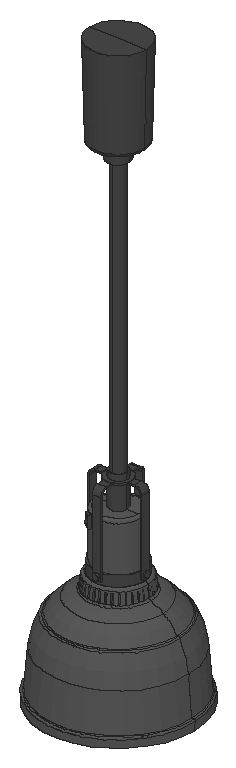
Revit family "Värmelampa Focus RO Hissfunktion", category Lighting Fixtures, host Ceiling, Revit 2020
Family settings
  Host = Ceiling
  Round Connector Dimension = Use Diameter
  Part Type = Normal
  OmniClass Number = 23.80.70.11
  OmniClass Title = Luminaries for Internal Lighting
  Always vertical = Yes
  Cut with Voids When Loaded = No
  Light Source = No
  Shared = No
  Room Calculation Point = No
Parameters (values of type "VL1-RO-HSS")
  Model = "VL1-RO-HSS"
  Lamp Type = Värmelampa Focus RO H : VL1-RO-HSS
  Lamp Hanger Material = AMA - Glossy Black
  Default Elevation = 0 mm
  Adjustable length [instance] = 850 mm
Types (3, lengths in mm): name | Model | Lamp Type
  VL1-RO-HSS | "VL1-RO-HSS" | Värmelampa Focus RO H : VL1-RO-HSS
  VL1-RO-HSA | "VL1-RO-HSA" | Värmelampa Focus RO H : VL1-RO-HSA
  VL1-RO-HSK | "VL1-RO-HSK" | Värmelampa Focus RO H : VL1-RO-HSK
Reference planes
  plane 1 "Light Source Axis (F/B)": y = 0
  plane 2: z = 0
  plane 3 "Light Source Axis (L/R)": x = 0
  plane 4 "Ceiling": z = 4000
  plane 5 "Light Source Elevation": z = 3750
  plane 6: z = 3150
  plane 7: x = -41
  plane 8: z = 3446.482
  plane 9: x = -109.996
  plane 10: x = 109.996
Forms (mm)
  Revolve 1, solid, material "AMA - Glossy Black" <- "Lamp Hanger Material"
    sketch origin (0, 0, 0) x (1, 0, 0) y (0, 0, 1)
      loop
        line (0, 4000) -> (-41, 4000) -> (-37.633, 3871.399)
        arc (-37.633, 3871.399) -> (-36.727, 3869.329) -> (-34.634, 3868.478) r 3
        line (-34.634, 3868.478) -> (-16.974, 3868.478) -> (-16, 3846.478) -> (0, 3846.478) -> (0, 4000)
      axis (0, 3846.478) -> (0, 4000)
    angle from 0 to 360
  Extrusion 2, solid, material "AMA - Glossy Black" <- "Lamp Hanger Material"
    sketch origin (-2507.68, 6000, 3446.482) x (0, 1, 0) y (1, 0, 0)
      loop
        circle (-6000, 2507.68) r 10
    from 0 to -399.996
Lines and regions (mm)
  symbolic lines
    curve 1: circle (0, 0, 3446.482) r 110 normal (0, 0, -1)
    curve 2: circle (0, 0, 3446.482) r 41 normal (0, 0, -1)
    curve 3: line (-77.782, -77.782, 3446.482) -> (77.782, 77.782, 3446.482)
    curve 4: line (77.782, -77.782, 3446.482) -> (-77.782, 77.782, 3446.482)
Dimensions and locks
  equal spacing: host sketch curve, plane 3 "Light Source Axis (L/R)", host sketch curve
  equal spacing: host sketch curve, plane 1 "Light Source Axis (F/B)", host sketch curve
  host sketch curve to host sketch curve = 4000 mm  (x2)
  plane 4 "Ceiling" to host ceiling = 0 mm
  "Adjustable length": plane 6 to plane 4 "Ceiling"
  locked: plane 6 to plane 8 at 296.482
  plane 9 to plane 10 = 219.991 mm
  equal spacing: plane 9, plane 3 "Light Source Axis (L/R)", plane 10
  plane 6 to nested 1 = 250 mm
  plane 4 "Ceiling" to plane 5 "Light Source Elevation" to plane 8 = 250 mm, 303.518 mm
  aligned and locked: nested 1 to plane 6
  aligned and locked: Extrusion 2 to Revolve 1
Automatic sketch dimensions
  plane 1 "Light Source Axis (F/B)" to Extrusion 2 sketch curve = 0 mm
  Extrusion 2 sketch curve to plane 3 "Light Source Axis (L/R)" = 0 mm
  Revolve 1 sketch curve to plane 4 "Ceiling" = 0 mm  (x2)
  Revolve 1 sketch curve to plane 7 = 0 mm
  Revolve 1 sketch curve to plane 3 "Light Source Axis (L/R)" = 0 mm  (x2)
  plane 7 to Revolve 1 sketch curve = 3.367 mm
  Revolve 1 sketch curve to Revolve 1 sketch curve = 2.999 mm
  Revolve 1 sketch curve to plane 3 "Light Source Axis (L/R)" = 16.974 mm
  Revolve 1 sketch curve to plane 3 "Light Source Axis (L/R)" = 16 mm
  Revolve 1 sketch curve to plane 5 "Light Source Elevation" = 121.478 mm
  Revolve 1 sketch curve to Revolve 1 sketch curve = 0.079 mm
  Revolve 1 sketch curve to Revolve 1 sketch curve = 22 mm
  Revolve 1 sketch curve to Revolve 1 sketch curve = 65 mm
  curve 1 to curve 2 = 0 mm  (x2)
  plane 1 "Light Source Axis (F/B)" to curve 2 = 0 mm
  curve 2 to plane 3 "Light Source Axis (L/R)" = 0 mm
  plane 1 "Light Source Axis (F/B)" to curve 4 = 77.782 mm
  plane 1 "Light Source Axis (F/B)" to curve 3 = 77.782 mm
  curve 4 to plane 1 "Light Source Axis (F/B)" = 77.782 mm
  curve 3 to plane 1 "Light Source Axis (F/B)" = 77.782 mm
  plane 3 "Light Source Axis (L/R)" to curve 3 = 77.782 mm
  radius of Extrusion 2 sketch curve = 10 mm
  radius of curve 2 = 41 mm
Nested families
  nested 1: "Värmelampa Focus RO H" at (0, 0, 3150), type <- "Lamp Type", type "VL1-RO-HSS"
Definition of nested family "Värmelampa Focus RO H"
  Parameters (values of type "VL1-RO-HSK")
    Main Body Material = none
    Lamp Hanger Material = none
    Default Elevation = 0 mm
  Types (3): name
    VL1-RO-HSS
    VL1-RO-HSA
    VL1-RO-HSK
  Reference planes
    plane 1 "Light Source Axis (F/B)": y = 0
    plane 2: z = 0
    plane 3 "Light Source Axis (L/R)": x = 0
    plane 4 "Light Source Elevation": z = 1500
    plane 5: z = 250
  Forms (mm)
    Revolve 1, solid, material <- "Main Body Material"
      sketch origin (0, 0, -3150) x (1, 0, 0) y (0, 0, 1)
        loop
          line (33.909, 3315.992) -> (33.909, 3395.956)
          arc (33.909, 3395.956) -> (32.724, 3398.815) -> (29.864, 3400) r 4.044
          line (29.864, 3400) -> (0, 3400) -> (0, 3398) -> (29.864, 3398)
          arc (29.864, 3398) -> (31.31, 3397.401) -> (31.909, 3395.956) r 2.044
          line (31.909, 3395.956) -> (31.909, 3313.992) -> (38.165, 3313.992)
          arc (38.165, 3313.992) -> (39.485, 3313.495) -> (40.148, 3312.25) r 2
          line (40.148, 3312.25) -> (42.235, 3296.169)
          arc (42.235, 3296.169) -> (43.434, 3293.517) -> (45.907, 3291.981) r 5
          arc (45.907, 3291.981) -> (56.788, 3287.552) -> (66.218, 3280.545) r 46.652
          arc (66.218, 3280.545) -> (75.048, 3271.663) -> (82.684, 3261.736) r 98.768
          arc (82.684, 3261.736) -> (84.474, 3260.147) -> (86.82, 3259.668) r 4.614
          arc (86.82, 3259.668) -> (94.823, 3239.799) -> (99.503, 3218.896) r 131.909
          arc (99.503, 3218.896) -> (102.515, 3191.479) -> (103.898, 3163.932) r 465.715
          arc (103.898, 3163.932) -> (104.725, 3161.925) -> (106.691, 3161.001) r 3
          arc (106.691, 3161.001) -> (107.561, 3160.587) -> (107.915, 3159.69) r 1.314
          line (107.915, 3159.69) -> (107.915, 3150) -> (110, 3150) -> (110, 3161.006)
          arc (110, 3161.006) -> (109.242, 3162.573) -> (107.542, 3162.952) r 1.999
          arc (107.542, 3162.952) -> (106.472, 3163.185) -> (105.979, 3164.164) r 1.272
          arc (105.979, 3164.164) -> (104.586, 3191.739) -> (101.569, 3219.185) r 467.715
          arc (101.569, 3219.185) -> (96.865, 3240.249) -> (88.838, 3260.285) r 133.909
          arc (88.838, 3260.285) -> (87.89, 3261.312) -> (86.539, 3261.67) r 2.5
          arc (86.539, 3261.67) -> (85.329, 3261.949) -> (84.402, 3262.776) r 2.5
          arc (84.402, 3262.776) -> (75.371, 3274.318) -> (64.763, 3284.428) r 100.768
          arc (64.763, 3284.428) -> (56.054, 3290.157) -> (46.331, 3293.916) r 49
          arc (46.331, 3293.916) -> (44.851, 3294.838) -> (44.134, 3296.427) r 3
          line (44.134, 3296.427) -> (42.047, 3312.507)
          arc (42.047, 3312.507) -> (40.72, 3314.997) -> (38.08, 3315.992) r 4
          line (38.08, 3315.992) -> (33.909, 3315.992)
        axis (0, 3400) -> (0, 3150)
      angle from 0 to 360
    Extrusion 2, solid, material <- "Lamp Hanger Material"
      sketch origin (-36.5, 6000, 165.992) x (1, 0, 0) y (0, 1, 0)
        loop
          circle (36.5, -6000) r 36.5
        loop
          circle (36.5, -6000) r 34.5
      from 0 to 15
    Extrusion 3, solid, material <- "Lamp Hanger Material"
      sketch origin (3138.694, -6, -1950) x (1, 0, 0) y (0, 0, 1)
        loop
          line (-3100.194, 2120.884) -> (-3100.194, 2228.883)
          arc (-3100.194, 2228.883) -> (-3103.123, 2235.954) -> (-3110.194, 2238.883) r 10
          line (-3110.194, 2238.883) -> (-3119.694, 2238.883) -> (-3119.694, 2236.883) -> (-3110.194, 2236.883)
          arc (-3110.194, 2236.883) -> (-3104.537, 2234.539) -> (-3102.194, 2228.883) r 8
          line (-3102.194, 2228.883) -> (-3102.194, 2120.884) -> (-3100.194, 2120.884)
        loop
          arc (-3167.193, 2238.883) -> (-3174.264, 2235.954) -> (-3177.193, 2228.883) r 10
          line (-3177.193, 2228.883) -> (-3177.193, 2120.884) -> (-3175.193, 2120.884) -> (-3175.193, 2228.883)
          arc (-3175.193, 2228.883) -> (-3172.85, 2234.539) -> (-3167.193, 2236.883) r 8
          line (-3167.193, 2236.883) -> (-3157.694, 2236.883) -> (-3157.694, 2238.883) -> (-3167.193, 2238.883)
      from 0 to -12
    Extrusion 4, solid, material <- "Lamp Hanger Material"
      sketch origin (-19.079, 6000, 286.883) x (1, 0, 0) y (0, 1, 0)
        loop
          circle (19.079, -6000) r 19
        loop
          circle (19.079, -6000) r 12.5
      from 0 to 2
    Extrusion 5, solid, material <- "Lamp Hanger Material"
      sketch origin (6, 3138.694, -1950) x (0, 1, 0) y (0, 0, 1)
        loop
          line (-3100.194, 2120.884) -> (-3100.194, 2228.883)
          arc (-3100.194, 2228.883) -> (-3103.123, 2235.954) -> (-3110.194, 2238.883) r 10
          line (-3110.194, 2238.883) -> (-3119.694, 2238.883) -> (-3119.694, 2236.883) -> (-3110.194, 2236.883)
          arc (-3110.194, 2236.883) -> (-3104.537, 2234.539) -> (-3102.194, 2228.883) r 8
          line (-3102.194, 2228.883) -> (-3102.194, 2120.884) -> (-3100.194, 2120.884)
        loop
          arc (-3167.193, 2238.883) -> (-3174.264, 2235.954) -> (-3177.193, 2228.883) r 10
          line (-3177.193, 2228.883) -> (-3177.193, 2120.884) -> (-3175.193, 2120.884) -> (-3175.193, 2228.883)
          arc (-3175.193, 2228.883) -> (-3172.85, 2234.539) -> (-3167.193, 2236.883) r 8
          line (-3167.193, 2236.883) -> (-3157.694, 2236.883) -> (-3157.694, 2238.883) -> (-3167.193, 2238.883)
      from 0 to -12
    Extrusion 6, solid, material <- "Lamp Hanger Material"
      sketch origin (-36.5, 6000, 250) x (1, 0, 0) y (0, 1, 0)
        loop
          circle (36.5, -6000) r 12.5
      from 0 to 46.49
    Extrusion 7, solid, material <- "Lamp Hanger Material"
      sketch origin (6, 38.5, 175.884) x (0, 0, 1) y (1, 0, 0)
        loop
          circle (0, -6) r 4
      from 0 to 3
    Extrusion 8, solid, material <- "Lamp Hanger Material"
      sketch origin (6, -38.5, 175.884) x (0, 0, 1) y (-1, 0, 0)
        loop
          circle (0, 6) r 4
      from 0 to 3
    Extrusion 9, solid, material <- "Lamp Hanger Material"
      sketch origin (38.5, -6, 175.884) x (0, 0, 1) y (0, -1, 0)
        loop
          circle (0, -6) r 4
      from 0 to 3
    Extrusion 10, solid, material <- "Lamp Hanger Material"
      sketch origin (-38.5, -6, 175.884) x (0, 0, 1) y (0, 1, 0)
        loop
          circle (0, 6) r 4
      from 0 to 3
    Extrusion 11, solid, material <- "Lamp Hanger Material"
      sketch origin (1.976, -42.746, 196.463) x (-0.819742, 0.572733, 0) y (0, 0, -1)
        loop
          line (21, -49.217) -> (31, -49.217) -> (31, -32.342) -> (21, -32.342) -> (21, -49.217)
        loop
          line (22, -33.342) -> (22, -48.217) -> (30, -48.217) -> (30, -33.342) -> (22, -33.342)
      from -0.551 to 3
    Extrusion 12, solid, material <- "Lamp Hanger Material"
      sketch origin (-23.762, -27.203, 231.68) x (0, 0, 1) y (-0.572733, -0.819742, 0)
        loop
          line (13, 0) -> (13, 1.118)
          arc (13, 1.118) -> (6.734, 1.11) -> (0.564, 2.197) r 35.7
          arc (0.564, 2.197) -> (-0.021, 2.177) -> (-0.494, 1.833) r 1
          line (-0.494, 1.833) -> (-1.875, 0) -> (13, 0)
      from 0 to 8
    Extrusion 13, void
      sketch origin (66.458, -7000, 130.454) x (0, 0, 1) y (0, 1, 0)
        loop
          line (16.977, 6998.587) -> (29.537, 6998.587)
          arc (29.537, 6998.587) -> (31.037, 7000.087) -> (29.537, 7001.587) r 1.5
          line (29.537, 7001.587) -> (16.977, 7001.587)
          arc (16.977, 7001.587) -> (15.477, 7000.087) -> (16.977, 6998.587) r 1.5
      from 17.051 to 31.502
    Extrusion 14, void
      sketch origin (-7000, -66.458, 130.454) x (0, 0, 1) y (1, 0, 0)
        loop
          line (16.977, 6998.587) -> (29.537, 6998.587)
          arc (29.537, 6998.587) -> (31.037, 7000.087) -> (29.537, 7001.587) r 1.5
          line (29.537, 7001.587) -> (16.977, 7001.587)
          arc (16.977, 7001.587) -> (15.477, 7000.087) -> (16.977, 6998.587) r 1.5
      from 17.051 to 31.502
    Extrusion 15, void
      sketch origin (6905.195, 1150.089, 130.454) x (0, 0, 1) y (0.984808, 0.173648, 0)
        loop
          arc (16.977, -6998.587) -> (15.477, -7000.087) -> (16.977, -7001.587) r 1.5
          line (16.977, -7001.587) -> (29.537, -7001.587)
          arc (29.537, -7001.587) -> (31.037, -7000.087) -> (29.537, -6998.587) r 1.5
          line (29.537, -6998.587) -> (16.977, -6998.587)
      from 17.051 to 31.502
    Extrusion 16, void
      sketch origin (6600.578, 2331.691, 130.454) x (0, 0, 1) y (0.939693, 0.34202, 0)
        loop
          arc (16.977, -6998.587) -> (15.477, -7000.087) -> (16.977, -7001.587) r 1.5
          line (16.977, -7001.587) -> (29.537, -7001.587)
          arc (29.537, -7001.587) -> (31.037, -7000.087) -> (29.537, -6998.587) r 1.5
          line (29.537, -6998.587) -> (16.977, -6998.587)
      from 17.051 to 31.502
    Extrusion 17, void
      sketch origin (6095.407, 3442.446, 130.454) x (0, 0, 1) y (0.866025, 0.5, 0)
        loop
          arc (16.977, -6998.587) -> (15.477, -7000.087) -> (16.977, -7001.587) r 1.5
          line (16.977, -7001.587) -> (29.537, -7001.587)
          arc (29.537, -7001.587) -> (31.037, -7000.087) -> (29.537, -6998.587) r 1.5
          line (29.537, -6998.587) -> (16.977, -6998.587)
      from 17.051 to 31.502
    Extrusion 18, void
      sketch origin (5405.029, 4448.604, 130.454) x (0, 0, 1) y (0.766044, 0.642788, 0)
        loop
          arc (16.977, -6998.587) -> (15.477, -7000.087) -> (16.977, -7001.587) r 1.5
          line (16.977, -7001.587) -> (29.537, -7001.587)
          arc (29.537, -7001.587) -> (31.037, -7000.087) -> (29.537, -6998.587) r 1.5
          line (29.537, -6998.587) -> (16.977, -6998.587)
      from 17.051 to 31.502
    Extrusion 19, void
      sketch origin (4550.423, 5319.593, 130.454) x (0, 0, 1) y (0.642788, 0.766044, 0)
        loop
          arc (16.977, -6998.587) -> (15.477, -7000.087) -> (16.977, -7001.587) r 1.5
          line (16.977, -7001.587) -> (29.537, -7001.587)
          arc (29.537, -7001.587) -> (31.037, -7000.087) -> (29.537, -6998.587) r 1.5
          line (29.537, -6998.587) -> (16.977, -6998.587)
      from 17.051 to 31.502
    Extrusion 20, void
      sketch origin (3557.554, 6028.949, 130.454) x (0, 0, 1) y (0.5, 0.866025, 0)
        loop
          arc (16.977, -6998.587) -> (15.477, -7000.087) -> (16.977, -7001.587) r 1.5
          line (16.977, -7001.587) -> (29.537, -7001.587)
          arc (29.537, -7001.587) -> (31.037, -7000.087) -> (29.537, -6998.587) r 1.5
          line (29.537, -6998.587) -> (16.977, -6998.587)
      from 17.051 to 31.502
    Extrusion 21, void
      sketch origin (2456.591, 6555.119, 130.454) x (0, 0, 1) y (0.34202, 0.939693, 0)
        loop
          arc (16.977, -6998.587) -> (15.477, -7000.087) -> (16.977, -7001.587) r 1.5
          line (16.977, -7001.587) -> (29.537, -7001.587)
          arc (29.537, -7001.587) -> (31.037, -7000.087) -> (29.537, -6998.587) r 1.5
          line (29.537, -6998.587) -> (16.977, -6998.587)
      from 17.051 to 31.502
    Extrusion 22, void
      sketch origin (1280.985, 6882.114, 130.454) x (0, 0, 1) y (0.173648, 0.984808, 0)
        loop
          arc (16.977, -6998.587) -> (15.477, -7000.087) -> (16.977, -7001.587) r 1.5
          line (16.977, -7001.587) -> (29.537, -7001.587)
          arc (29.537, -7001.587) -> (31.037, -7000.087) -> (29.537, -6998.587) r 1.5
          line (29.537, -6998.587) -> (16.977, -6998.587)
      from 17.051 to 31.502
    Extrusion 23, void
      sketch origin (-6905.195, 1150.089, 130.454) x (0, 0, 1) y (0.984808, -0.173648, 0)
        loop
          line (16.977, 6998.587) -> (29.537, 6998.587)
          arc (29.537, 6998.587) -> (31.037, 7000.087) -> (29.537, 7001.587) r 1.5
          line (29.537, 7001.587) -> (16.977, 7001.587)
          arc (16.977, 7001.587) -> (15.477, 7000.087) -> (16.977, 6998.587) r 1.5
      from 17.051 to 31.502
    Extrusion 24, void
      sketch origin (-6600.578, 2331.691, 130.454) x (0, 0, 1) y (0.939693, -0.34202, 0)
        loop
          line (16.977, 6998.587) -> (29.537, 6998.587)
          arc (29.537, 6998.587) -> (31.037, 7000.087) -> (29.537, 7001.587) r 1.5
          line (29.537, 7001.587) -> (16.977, 7001.587)
          arc (16.977, 7001.587) -> (15.477, 7000.087) -> (16.977, 6998.587) r 1.5
      from 17.051 to 31.502
    Extrusion 25, void
      sketch origin (-6095.407, 3442.446, 130.454) x (0, 0, 1) y (0.866025, -0.5, 0)
        loop
          line (16.977, 6998.587) -> (29.537, 6998.587)
          arc (29.537, 6998.587) -> (31.037, 7000.087) -> (29.537, 7001.587) r 1.5
          line (29.537, 7001.587) -> (16.977, 7001.587)
          arc (16.977, 7001.587) -> (15.477, 7000.087) -> (16.977, 6998.587) r 1.5
      from 17.051 to 31.502
    Extrusion 26, void
      sketch origin (-5405.029, 4448.604, 130.454) x (0, 0, 1) y (0.766044, -0.642788, 0)
        loop
          line (16.977, 6998.587) -> (29.537, 6998.587)
          arc (29.537, 6998.587) -> (31.037, 7000.087) -> (29.537, 7001.587) r 1.5
          line (29.537, 7001.587) -> (16.977, 7001.587)
          arc (16.977, 7001.587) -> (15.477, 7000.087) -> (16.977, 6998.587) r 1.5
      from 17.051 to 31.502
    Extrusion 27, void
      sketch origin (-4550.423, 5319.593, 130.454) x (0, 0, 1) y (0.642788, -0.766044, 0)
        loop
          line (16.977, 6998.587) -> (29.537, 6998.587)
          arc (29.537, 6998.587) -> (31.037, 7000.087) -> (29.537, 7001.587) r 1.5
          line (29.537, 7001.587) -> (16.977, 7001.587)
          arc (16.977, 7001.587) -> (15.477, 7000.087) -> (16.977, 6998.587) r 1.5
      from 17.051 to 31.502
    Extrusion 28, void
      sketch origin (-3557.554, 6028.949, 130.454) x (0, 0, 1) y (0.5, -0.866025, 0)
        loop
          line (16.977, 6998.587) -> (29.537, 6998.587)
          arc (29.537, 6998.587) -> (31.037, 7000.087) -> (29.537, 7001.587) r 1.5
          line (29.537, 7001.587) -> (16.977, 7001.587)
          arc (16.977, 7001.587) -> (15.477, 7000.087) -> (16.977, 6998.587) r 1.5
      from 17.051 to 31.502
    Extrusion 29, void
      sketch origin (-2456.591, 6555.119, 130.454) x (0, 0, 1) y (0.34202, -0.939693, 0)
        loop
          line (16.977, 6998.587) -> (29.537, 6998.587)
          arc (29.537, 6998.587) -> (31.037, 7000.087) -> (29.537, 7001.587) r 1.5
          line (29.537, 7001.587) -> (16.977, 7001.587)
          arc (16.977, 7001.587) -> (15.477, 7000.087) -> (16.977, 6998.587) r 1.5
      from 17.051 to 31.502
    Extrusion 30, void
      sketch origin (-1280.985, 6882.114, 130.454) x (0, 0, 1) y (0.173648, -0.984808, 0)
        loop
          line (16.977, 6998.587) -> (29.537, 6998.587)
          arc (29.537, 6998.587) -> (31.037, 7000.087) -> (29.537, 7001.587) r 1.5
          line (29.537, 7001.587) -> (16.977, 7001.587)
          arc (16.977, 7001.587) -> (15.477, 7000.087) -> (16.977, 6998.587) r 1.5
      from 17.051 to 31.502
    Extrusion 31, void
      sketch origin (-7000, 66.458, 130.454) x (0, 0, 1) y (-1, 0, 0)
        loop
          arc (16.977, -6998.587) -> (15.477, -7000.087) -> (16.977, -7001.587) r 1.5
          line (16.977, -7001.587) -> (29.537, -7001.587)
          arc (29.537, -7001.587) -> (31.037, -7000.087) -> (29.537, -6998.587) r 1.5
          line (29.537, -6998.587) -> (16.977, -6998.587)
      from 17.051 to 31.502
    Extrusion 32, void
      sketch origin (6905.195, -1150.089, 130.454) x (0, 0, 1) y (-0.984808, 0.173648, 0)
        loop
          line (16.977, 6998.587) -> (29.537, 6998.587)
          arc (29.537, 6998.587) -> (31.037, 7000.087) -> (29.537, 7001.587) r 1.5
          line (29.537, 7001.587) -> (16.977, 7001.587)
          arc (16.977, 7001.587) -> (15.477, 7000.087) -> (16.977, 6998.587) r 1.5
      from 17.051 to 31.502
    Extrusion 33, void
      sketch origin (6600.578, -2331.691, 130.454) x (0, 0, 1) y (-0.939693, 0.34202, 0)
        loop
          line (16.977, 6998.587) -> (29.537, 6998.587)
          arc (29.537, 6998.587) -> (31.037, 7000.087) -> (29.537, 7001.587) r 1.5
          line (29.537, 7001.587) -> (16.977, 7001.587)
          arc (16.977, 7001.587) -> (15.477, 7000.087) -> (16.977, 6998.587) r 1.5
      from 17.051 to 31.502
    Extrusion 34, void
      sketch origin (6095.407, -3442.446, 130.454) x (0, 0, 1) y (-0.866025, 0.5, 0)
        loop
          line (16.977, 6998.587) -> (29.537, 6998.587)
          arc (29.537, 6998.587) -> (31.037, 7000.087) -> (29.537, 7001.587) r 1.5
          line (29.537, 7001.587) -> (16.977, 7001.587)
          arc (16.977, 7001.587) -> (15.477, 7000.087) -> (16.977, 6998.587) r 1.5
      from 17.051 to 31.502
    Extrusion 35, void
      sketch origin (5405.029, -4448.604, 130.454) x (0, 0, 1) y (-0.766044, 0.642788, 0)
        loop
          line (16.977, 6998.587) -> (29.537, 6998.587)
          arc (29.537, 6998.587) -> (31.037, 7000.087) -> (29.537, 7001.587) r 1.5
          line (29.537, 7001.587) -> (16.977, 7001.587)
          arc (16.977, 7001.587) -> (15.477, 7000.087) -> (16.977, 6998.587) r 1.5
      from 17.051 to 31.502
    Extrusion 36, void
      sketch origin (4550.423, -5319.593, 130.454) x (0, 0, 1) y (-0.642788, 0.766044, 0)
        loop
          line (16.977, 6998.587) -> (29.537, 6998.587)
          arc (29.537, 6998.587) -> (31.037, 7000.087) -> (29.537, 7001.587) r 1.5
          line (29.537, 7001.587) -> (16.977, 7001.587)
          arc (16.977, 7001.587) -> (15.477, 7000.087) -> (16.977, 6998.587) r 1.5
      from 17.051 to 31.502
    Extrusion 37, void
      sketch origin (3557.554, -6028.949, 130.454) x (0, 0, 1) y (-0.5, 0.866025, 0)
        loop
          line (16.977, 6998.587) -> (29.537, 6998.587)
          arc (29.537, 6998.587) -> (31.037, 7000.087) -> (29.537, 7001.587) r 1.5
          line (29.537, 7001.587) -> (16.977, 7001.587)
          arc (16.977, 7001.587) -> (15.477, 7000.087) -> (16.977, 6998.587) r 1.5
      from 17.051 to 31.502
    Extrusion 38, void
      sketch origin (2456.591, -6555.119, 130.454) x (0, 0, 1) y (-0.34202, 0.939693, 0)
        loop
          line (16.977, 6998.587) -> (29.537, 6998.587)
          arc (29.537, 6998.587) -> (31.037, 7000.087) -> (29.537, 7001.587) r 1.5
          line (29.537, 7001.587) -> (16.977, 7001.587)
          arc (16.977, 7001.587) -> (15.477, 7000.087) -> (16.977, 6998.587) r 1.5
      from 17.051 to 31.502
    Extrusion 39, void
      sketch origin (1280.985, -6882.114, 130.454) x (0, 0, 1) y (-0.173648, 0.984808, 0)
        loop
          line (16.977, 6998.587) -> (29.537, 6998.587)
          arc (29.537, 6998.587) -> (31.037, 7000.087) -> (29.537, 7001.587) r 1.5
          line (29.537, 7001.587) -> (16.977, 7001.587)
          arc (16.977, 7001.587) -> (15.477, 7000.087) -> (16.977, 6998.587) r 1.5
      from 17.051 to 31.502
    Extrusion 40, void
      sketch origin (-6905.195, -1150.089, 130.454) x (0, 0, 1) y (-0.984808, -0.173648, 0)
        loop
          arc (16.977, -6998.587) -> (15.477, -7000.087) -> (16.977, -7001.587) r 1.5
          line (16.977, -7001.587) -> (29.537, -7001.587)
          arc (29.537, -7001.587) -> (31.037, -7000.087) -> (29.537, -6998.587) r 1.5
          line (29.537, -6998.587) -> (16.977, -6998.587)
      from 17.051 to 31.502
    Extrusion 41, void
      sketch origin (-6600.578, -2331.691, 130.454) x (0, 0, 1) y (-0.939693, -0.34202, 0)
        loop
          arc (16.977, -6998.587) -> (15.477, -7000.087) -> (16.977, -7001.587) r 1.5
          line (16.977, -7001.587) -> (29.537, -7001.587)
          arc (29.537, -7001.587) -> (31.037, -7000.087) -> (29.537, -6998.587) r 1.5
          line (29.537, -6998.587) -> (16.977, -6998.587)
      from 17.051 to 31.502
    Extrusion 42, void
      sketch origin (-6095.407, -3442.446, 130.454) x (0, 0, 1) y (-0.866025, -0.5, 0)
        loop
          arc (16.977, -6998.587) -> (15.477, -7000.087) -> (16.977, -7001.587) r 1.5
          line (16.977, -7001.587) -> (29.537, -7001.587)
          arc (29.537, -7001.587) -> (31.037, -7000.087) -> (29.537, -6998.587) r 1.5
          line (29.537, -6998.587) -> (16.977, -6998.587)
      from 17.051 to 31.502
    Extrusion 43, void
      sketch origin (-5405.029, -4448.604, 130.454) x (0, 0, 1) y (-0.766044, -0.642788, 0)
        loop
          arc (16.977, -6998.587) -> (15.477, -7000.087) -> (16.977, -7001.587) r 1.5
          line (16.977, -7001.587) -> (29.537, -7001.587)
          arc (29.537, -7001.587) -> (31.037, -7000.087) -> (29.537, -6998.587) r 1.5
          line (29.537, -6998.587) -> (16.977, -6998.587)
      from 17.051 to 31.502
    Extrusion 44, void
      sketch origin (-4550.423, -5319.593, 130.454) x (0, 0, 1) y (-0.642788, -0.766044, 0)
        loop
          arc (16.977, -6998.587) -> (15.477, -7000.087) -> (16.977, -7001.587) r 1.5
          line (16.977, -7001.587) -> (29.537, -7001.587)
          arc (29.537, -7001.587) -> (31.037, -7000.087) -> (29.537, -6998.587) r 1.5
          line (29.537, -6998.587) -> (16.977, -6998.587)
      from 17.051 to 31.502
    Extrusion 45, void
      sketch origin (-3557.554, -6028.949, 130.454) x (0, 0, 1) y (-0.5, -0.866025, 0)
        loop
          arc (16.977, -6998.587) -> (15.477, -7000.087) -> (16.977, -7001.587) r 1.5
          line (16.977, -7001.587) -> (29.537, -7001.587)
          arc (29.537, -7001.587) -> (31.037, -7000.087) -> (29.537, -6998.587) r 1.5
          line (29.537, -6998.587) -> (16.977, -6998.587)
      from 17.051 to 31.502
    Extrusion 46, void
      sketch origin (-2456.591, -6555.119, 130.454) x (0, 0, 1) y (-0.34202, -0.939693, 0)
        loop
          arc (16.977, -6998.587) -> (15.477, -7000.087) -> (16.977, -7001.587) r 1.5
          line (16.977, -7001.587) -> (29.537, -7001.587)
          arc (29.537, -7001.587) -> (31.037, -7000.087) -> (29.537, -6998.587) r 1.5
          line (29.537, -6998.587) -> (16.977, -6998.587)
      from 17.051 to 31.502
    Extrusion 47, void
      sketch origin (-1280.985, -6882.114, 130.454) x (0, 0, 1) y (-0.173648, -0.984808, 0)
        loop
          arc (16.977, -6998.587) -> (15.477, -7000.087) -> (16.977, -7001.587) r 1.5
          line (16.977, -7001.587) -> (29.537, -7001.587)
          arc (29.537, -7001.587) -> (31.037, -7000.087) -> (29.537, -6998.587) r 1.5
          line (29.537, -6998.587) -> (16.977, -6998.587)
      from 17.051 to 31.502
    Extrusion 48, void
      sketch origin (-66.458, -7000, 130.454) x (0, 0, 1) y (0, -1, 0)
        loop
          arc (16.977, -6998.587) -> (15.477, -7000.087) -> (16.977, -7001.587) r 1.5
          line (16.977, -7001.587) -> (29.537, -7001.587)
          arc (29.537, -7001.587) -> (31.037, -7000.087) -> (29.537, -6998.587) r 1.5
          line (29.537, -6998.587) -> (16.977, -6998.587)
      from 17.051 to 31.502
  Cuts and joins
    Extrusion 13, Extrusion 14, Extrusion 15, Extrusion 16, Extrusion 17, Extrusion 18, Extrusion 19, Extrusion 20, Extrusion 21, Extrusion 22, Extrusion 23, Extrusion 24, Extrusion 25, Extrusion 26, Extrusion 27, Extrusion 28, Extrusion 29, Extrusion 30, Extrusion 31, Extrusion 32, Extrusion 33, Extrusion 34, Extrusion 35, Extrusion 36, Extrusion 37, Extrusion 38, Extrusion 39, Extrusion 40, Extrusion 41, Extrusion 42, Extrusion 43, Extrusion 44, Extrusion 45, Extrusion 46, Extrusion 47, Extrusion 48 cuts Revolve 1
  Dimensions and locks
    aligned and locked: level to plane 2
